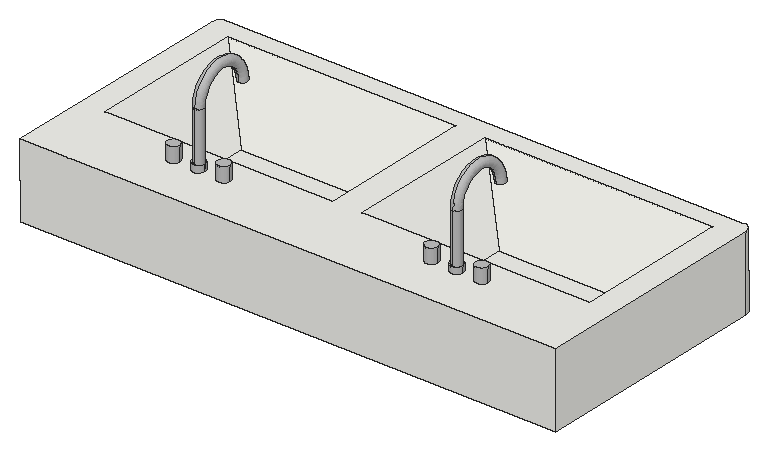
Revit family
Parameters (values of type "Box Wall Basin")
  Width = 1080 mm
  Mounting Height [instance] = 850.385 mm
  Model = "Fuori"
  Depth = 500 mm
Reference planes
  plane 1: y = 0
  plane 2 "Center (Left/Right)": x = 230.861
  plane 3 "Back": y = 50
  plane 4 "Mounting Height": z = 850.385
  plane 5: z = 700.385
  plane 6: x = -309.139
  plane 7: x = 770.861
  plane 8: y = 550
  plane 9: x = -259.139
  plane 10: x = 200.861
  plane 11: x = 260.861
  plane 12: x = 720.861
  plane 13: y = 510.534
  plane 14: y = 200
  plane 15 "Waste": y = 275
  plane 16: x = -29.139
  plane 17: x = -28.911
  plane 18: z = 0
  plane 19: x = 491.089
Forms (mm)
  Extrusion 1, solid
    sketch origin (0, 0, 850.385) x (0, 1, 0) y (-1, 0, 0)
      loop
        line (50, 309.139) -> (50, -770.861) -> (530, -770.861)
        arc (530, -770.861) -> (544.142, -765.003) -> (550, -750.861) r 20
        line (550, -750.861) -> (550, 289.139)
        arc (550, 289.139) -> (544.142, 303.281) -> (530, 309.139) r 20
        line (530, 309.139) -> (50, 309.139)
    from 0 to -150
  Blend 2, void
    base sketch origin (0, 0, 850.385) x (0, 1, 0) y (-1, 0, 0)
      loop
        line (200, 259.139) -> (200, -200.861) -> (510.534, -200.861) -> (510.534, 259.139) -> (200, 259.139)
    top sketch origin (0, 0, 850.385) x (0, 1, 0) y (-1, 0, 0)
      loop
        line (200, 159.139) -> (200, -100.861) -> (420, -100.861) -> (420, 159.139) -> (200, 159.139)
    from 0 to -129.554
  Blend 3, void
    base sketch origin (520, 0, 850) x (0, 1, 0) y (-1, 0, 0)
      loop
        line (200, 259.139) -> (200, -200.861) -> (510.534, -200.861) -> (510.534, 259.139) -> (200, 259.139)
    top sketch origin (520, 0, 850) x (0, 1, 0) y (-1, 0, 0)
      loop
        line (200, 159.139) -> (200, -100.861) -> (420, -100.861) -> (420, 159.139) -> (200, 159.139)
    from 0.385 to -129.169
  Extrusion 4, void
    sketch origin (513.296, 0, 720.831) x (0, 1, 0) y (-1, 0, 0)
      loop
        circle (274.96, 542.435) r 15
    from -24.554 to 2.976
  Revolve 5, solid
    sketch origin (520, 275, -142.023) x (1, 0, 0) y (0, 0, 1)
      loop
        line (-44.139, 866.699) -> (-59.139, 866.699) -> (-59.139, 863.723) -> (-46.168, 863.723) -> (-46.168, 838.723) -> (-44.139, 838.723) -> (-44.139, 866.699)
      axis (-29.139, 838.723) -> (-29.139, 866.699)
    angle from 0 to 360
  Revolve 6, solid
    sketch origin (0, 275, -142.023) x (1, 0, 0) y (0, 0, 1)
      loop
        line (-44.139, 866.699) -> (-59.139, 866.699) -> (-59.139, 863.723) -> (-46.168, 863.723) -> (-46.168, 838.723) -> (-44.139, 838.723) -> (-44.139, 866.699)
      axis (-29.139, 838.723) -> (-29.139, 866.699)
    angle from 0 to 360
  Revolve 7, solid
    sketch origin (-520, 275, 0) x (1, 0, 0) y (0, 0, 1)
      loop
        line (467.707, 688.724) -> (467.707, 595.567)
        arc (467.707, 595.567) -> (474.556, 579.034) -> (491.089, 572.186) r 23.382
        line (491.089, 572.186) -> (491.089, 696.7) -> (475.861, 696.7)
        arc (475.861, 696.7) -> (470.158, 694.374) -> (467.707, 688.724) r 8.156
      axis (491.089, 572.186) -> (491.089, 696.7)
    angle from 0 to 360
  Revolve 8, solid
    sketch origin (0, 275, 0) x (1, 0, 0) y (0, 0, 1)
      loop
        line (467.707, 688.724) -> (467.707, 595.567)
        arc (467.707, 595.567) -> (474.556, 579.034) -> (491.089, 572.186) r 23.382
        line (491.089, 572.186) -> (491.089, 696.7) -> (475.861, 696.7)
        arc (475.861, 696.7) -> (470.158, 694.374) -> (467.707, 688.724) r 8.156
      axis (491.089, 572.186) -> (491.089, 696.7)
    angle from 0 to 360
Cuts and joins
  Blend 2, Blend 3 cuts Extrusion 1
Text (mm)
  text "Placement side" at (-1787.139, 592.35, 0), in view "Ref. Level"
  text "Placement side" at (0, 1827.695, 2917.686), in view "Left"
  text "Placement side" at (0, 562.268, 3853.606), in view "Right"
Dimensions and locks
  locked: plane 3 "Back" to host wall at 0
  plane 5 to plane 4 "Mounting Height" = 150 mm
  "Mounting Height": plane 18 to plane 4 "Mounting Height"
  "Depth": plane 3 "Back" to plane 8
  "Width": plane 6 to plane 7
  equal spacing: plane 6, plane 2 "Center (Left/Right)", plane 7
  locked: plane 10 to plane 2 "Center (Left/Right)" at 30
  locked: plane 2 "Center (Left/Right)" to plane 11 at 30
  plane 9 to plane 10 = 460 mm
  plane 11 to plane 12 = 460 mm
  plane 3 "Back" to plane 15 "Waste" = 225 mm
  equal spacing: cut or joined group of Extrusion 1, Blend 2, Blend 3, plane 16, cut or joined group of Extrusion 1, Blend 2, Blend 3
  level to plane 18 = 0 mm
  aligned and locked: host wall to plane 1
  aligned and locked: plane 6 to Extrusion 1 sketch curve
  aligned and locked: Extrusion 1 sketch curve to plane 3 "Back"
  aligned and locked: plane 7 to Extrusion 1 sketch curve
  aligned and locked: plane 8 to Extrusion 1 sketch curve
  aligned and locked: Extrusion 1 sketch curve to plane 6
  aligned and locked: plane 9 to Blend 2 sketch curve
  aligned and locked: Blend 2 sketch curve to plane 14
  aligned and locked: plane 10 to Blend 2 sketch curve
  aligned and locked: plane 13 to Blend 2 sketch curve
  aligned and locked: Blend 2 sketch curve to plane 9
  aligned and locked: plane 14 to Blend 2 sketch curve
  aligned and locked: plane 5 to Extrusion 1
  aligned and locked: Blend 3 to plane 4 "Mounting Height"
  aligned and locked: plane 4 "Mounting Height" to Blend 2
  aligned and locked: Blend 3 to Blend 2
  aligned and locked: nested 1 to plane 16
  aligned and locked: plane 17 to Revolve 7 sketch curve
  aligned and locked: Revolve 7 sketch curve to plane 17
  aligned and locked: nested 1 to cut or joined group of Extrusion 1, Blend 2, Blend 3
  aligned and locked: plane 19 to Revolve 8 sketch curve
  aligned and locked: Revolve 8 sketch curve to plane 19
Automatic sketch dimensions
  Extrusion 1 sketch curve to Extrusion 1 sketch curve = 20 mm
  plane 8 to Extrusion 1 sketch curve = 20 mm
  plane 13 to Blend 2 sketch curve = 90.534 mm
  plane 10 to Blend 2 sketch curve = 100 mm
  Blend 2 sketch curve to plane 9 = 100 mm
  Blend 3 sketch curve to plane 12 = 0 mm
  Blend 3 sketch curve to plane 14 = 0 mm  (x2)
  Blend 3 sketch curve to plane 11 = 0 mm
  Blend 3 sketch curve to plane 13 = 0 mm
  plane 13 to Blend 3 sketch curve = 90.534 mm
  plane 12 to Blend 3 sketch curve = 100 mm
  Blend 3 sketch curve to plane 11 = 100 mm
  Extrusion 4 sketch curve to plane 14 = 74.96 mm
  plane 10 to Extrusion 4 sketch curve = 230 mm
  plane 4 "Mounting Height" to Revolve 5 sketch curve = 125.709 mm
  Revolve 5 sketch curve to plane 11 = 200 mm
  plane 4 "Mounting Height" to Revolve 5 sketch curve = 153.685 mm
  Revolve 5 sketch curve to Revolve 5 sketch curve = 12.97 mm
  Revolve 5 sketch curve to Revolve 5 sketch curve = 2.03 mm
  Revolve 5 sketch curve to Revolve 5 sketch curve = 15 mm
  plane 4 "Mounting Height" to Revolve 5 sketch curve = 137.023 mm
  Revolve 5 sketch curve to Revolve 5 sketch curve = 2.976 mm
  Revolve 5 sketch curve to Revolve 5 sketch curve = 14.711 mm
  Revolve 6 sketch curve to plane 16 = 0 mm
  plane 16 to Revolve 6 sketch curve = 15 mm
  Revolve 6 sketch curve to Revolve 6 sketch curve = 2.03 mm
  Revolve 6 sketch curve to Revolve 6 sketch curve = 12.97 mm
  plane 5 to Revolve 6 sketch curve = 3.685 mm
  Revolve 6 sketch curve to plane 5 = 12.977 mm
  Revolve 6 sketch curve to plane 5 = 21.315 mm
  Revolve 6 sketch curve to Revolve 6 sketch curve = 2.976 mm
  Revolve 6 sketch curve to Revolve 6 sketch curve = 14.711 mm
  Revolve 7 sketch curve to plane 17 = 0 mm
  plane 16 to Revolve 7 sketch curve = 15 mm
  Revolve 7 sketch curve to Revolve 7 sketch curve = 8.154 mm
  plane 5 to Revolve 7 sketch curve = 128.199 mm
  plane 5 to Revolve 7 sketch curve = 11.841 mm
  Revolve 7 sketch curve to Revolve 7 sketch curve = 0.18 mm
  Revolve 7 sketch curve to plane 5 = 31.315 mm
  Revolve 7 sketch curve to Revolve 7 sketch curve = 25 mm
  Revolve 8 sketch curve to plane 19 = 0 mm
  Revolve 8 sketch curve to plane 19 = 15.228 mm
  Revolve 8 sketch curve to Revolve 8 sketch curve = 8.154 mm
  plane 5 to Revolve 8 sketch curve = 128.199 mm
  plane 5 to Revolve 8 sketch curve = 11.841 mm
  Revolve 8 sketch curve to Revolve 8 sketch curve = 0.18 mm
  Revolve 8 sketch curve to plane 5 = 31.315 mm
  Revolve 8 sketch curve to Revolve 8 sketch curve = 25 mm
  radius of Extrusion 4 sketch curve = 15 mm
Nested families
  nested 1: "Tap01" at (-29.139, 150, 850.77) x (-1, 0, 0) z (0, 0, 1), built-in parameter 1001364 <- "Mounting Height", type "Tap01"
  nested 2: "Tap01" at (490.861, 150, 850), type "Tap01"
Definition of nested family "Tap01"
  Reference planes
    plane 1 "Center (Front/Back)": y = 0
    plane 2: z = 0
    plane 3 "Center (Left/Right)": x = 0
  Forms (mm)
    Extrusion 1, solid
      sketch origin (-96.424, -247.535, -760) x (1, 0, 0) y (0, 1, 0)
        loop
          circle (147.452, 247.093) r 12.7
      from 788.19 to 759.615
    Extrusion 2, solid
      sketch origin (-198.024, -247.535, -760) x (1, 0, 0) y (0, 1, 0)
        loop
          circle (147.452, 247.093) r 12.7
      from 788.19 to 759.615
    Extrusion 3, solid, material "Metal - Steel, Polished"
      sketch origin (-147.224, -247.535, -760) x (1, 0, 0) y (0, 1, 0)
        loop
          circle (147.452, 247.093) r 12.7
      from 759.615 to 771.85
    Sweep 4, solid
      path origin (0.228, -247.535, -760) x (0, -1, 0) y (0, 0, 1)
        loop
          line (-247.093, 759.615) -> (-247.093, 872.328)
          arc (-247.093, 872.328) -> (-191.673, 927.748) -> (-136.253, 872.328) r 55.42
      profile origin (96.652, 0, 55.971) x (0, 1, 0) y (-1, 0, 0)
        loop
          circle (-0.443, 96.424) r 9.525
  Dimensions and locks
    aligned and locked: Extrusion 1 to Extrusion 2
